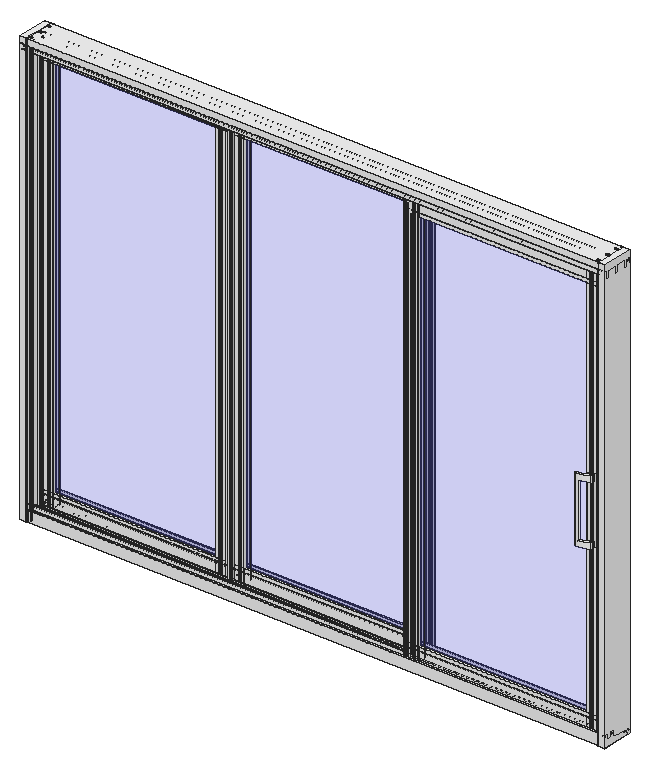
Revit family "Patio-Door_R-550-2-0_3-Light_XOO_5in_Novatech", category Doors, host Wall, Revit 2026 (continued)
Definition of nested family "NOVATECH_R-550 (2.0)_3 LIGHT_XOO_5in_DOOR FRAME"
  Definition of nested family "NOVATECH 650_2 LIGHT_DOOR FRAME_RIGHT"
    Automatic sketch dimensions
      Extrusion 1 sketch curve to Extrusion 1 sketch curve = 0.00515"  (x2)
      Extrusion 1 sketch curve to Extrusion 1 sketch curve = 0.02313"
      Extrusion 1 sketch curve to Extrusion 1 sketch curve = 0.02334"
      Extrusion 1 sketch curve to Extrusion 1 sketch curve = 0.0105"
      Extrusion 1 sketch curve to Extrusion 1 sketch curve = 0.02324"
      Extrusion 1 sketch curve to Extrusion 1 sketch curve = 0.03892"
      Extrusion 1 sketch curve to Extrusion 1 sketch curve = 0.03913"
      Extrusion 1 sketch curve to Extrusion 1 sketch curve = 0.02504"
      Extrusion 1 sketch curve to Extrusion 1 sketch curve = 0.00912"
      Extrusion 1 sketch curve to Extrusion 1 sketch curve = 0.00975"
      Extrusion 1 sketch curve to Extrusion 1 sketch curve = 0.00795"
      Extrusion 1 sketch curve to Extrusion 1 sketch curve = 0.00895"
      Extrusion 1 sketch curve to Extrusion 1 sketch curve = 0.03972"
      Extrusion 1 sketch curve to Extrusion 1 sketch curve = 0.03991"
      Extrusion 1 sketch curve to Extrusion 1 sketch curve = 0.02244"
      Extrusion 1 sketch curve to Extrusion 1 sketch curve = 0.02246"  (x3)
      Extrusion 1 sketch curve to Extrusion 1 sketch curve = 0.04436"
      Extrusion 1 sketch curve to Extrusion 1 sketch curve = 0.04602"
      Extrusion 1 sketch curve to Extrusion 1 sketch curve = 0.02305"
      Extrusion 1 sketch curve to Extrusion 1 sketch curve = 0.02222"
      Extrusion 1 sketch curve to Extrusion 1 sketch curve = 0.04558"  (x2)
      Extrusion 1 sketch curve to Extrusion 1 sketch curve = 0.00146"
      Extrusion 1 sketch curve to Extrusion 1 sketch curve = 0.03746"
      Extrusion 1 sketch curve to Extrusion 1 sketch curve = 0.03743"
      Extrusion 1 sketch curve to Extrusion 1 sketch curve = 0.00764"
      Extrusion 1 sketch curve to Extrusion 1 sketch curve = 0.00916"
      Extrusion 1 sketch curve to Extrusion 1 sketch curve = 0.01071"
      Extrusion 1 sketch curve to Extrusion 1 sketch curve = 0.01185"
      Extrusion 1 sketch curve to Extrusion 1 sketch curve = 0.00926"
      Extrusion 1 sketch curve to Extrusion 1 sketch curve = 0.03921"
      Extrusion 1 sketch curve to Extrusion 1 sketch curve = 0.03995"
      Extrusion 1 sketch curve to Extrusion 1 sketch curve = 0.02304"
      Extrusion 1 sketch curve to Extrusion 1 sketch curve = 0.02379"
      Extrusion 1 sketch curve to Extrusion 1 sketch curve = 0.16734"
      Extrusion 1 sketch curve to Extrusion 1 sketch curve = 0.07341"
      Extrusion 1 sketch curve to Extrusion 1 sketch curve = 0.18462"
      Extrusion 1 sketch curve to Extrusion 1 sketch curve = 0.35207"
Definition of nested family "NOVATECH_R-550 (2.0)_3 LIGHT_XOO_5in_LOOK HANDLE"
  Parameters (values of type "LOOK HANDLE")
    View Handle = yes
    Look Handle = yes
    Hardware Material = none
    Handle Length [instance] = 12"
    Default Elevation = 0"
  Reference planes (in)
    plane 1 "Center (Front/Back)": y = 0
    plane 2: z = 0
    plane 3 "Center (Left/Right)": x = 0
    plane 4: z = 12
    plane 5: z = 11
    plane 6: z = 1
    plane 7: z = 6
  Forms (in)
    Extrusion 1, solid, material <- "Hardware Material", visible <- "Look Handle"
      sketch origin (-2.75609, 4.10702, 0) x (1, 0, 0) y (0, 1, 0)
        loop
          line (2.28365, -5.7645) -> (2.29002, -6.12973)
          arc (2.29002, -6.12973) -> (2.31095, -6.17843) -> (2.36001, -6.1985) r 0.07
          line (2.36001, -6.1985) -> (3.15217, -6.1985)
          arc (3.15217, -6.1985) -> (3.20123, -6.17843) -> (3.22216, -6.12973) r 0.07
          line (3.22216, -6.12973) -> (3.22853, -5.7645) -> (2.28365, -5.7645)
      from 0 to 12
    Extrusion 2, solid, material <- "Hardware Material", visible <- "Look Handle"
      sketch origin (-2.75609, 4.10702, 0) x (1, 0, 0) y (0, 1, 0)
        loop
          arc (2.92658, -7.01425) -> (2.95049, -7.06991) -> (3.00657, -7.09285) r 0.08
          line (3.00657, -7.09285) -> (3.06811, -7.09285)
          arc (3.06811, -7.09285) -> (3.12419, -7.06991) -> (3.1481, -7.01425) r 0.08
          line (3.1481, -7.01425) -> (3.16234, -6.1985) -> (2.88163, -6.1985)
          arc (2.88163, -6.1985) -> (2.90353, -6.20746) -> (2.91288, -6.22921) r 0.03125
          line (2.91288, -6.22921) -> (2.92658, -7.01425)
      from 4.54231 to 11
    Extrusion 3, solid, material <- "Hardware Material", visible <- "Look Handle"
      sketch origin (-5.65408, 4.10702, 0) x (1, 0, 0) y (0, 1, 0)
        loop
          arc (5.26207, -7.01425) -> (5.28599, -7.06991) -> (5.34206, -7.09285) r 0.08
          line (5.34206, -7.09285) -> (5.96611, -7.09285)
          arc (5.96611, -7.09285) -> (6.02218, -7.06991) -> (6.0461, -7.01425) r 0.08
          line (6.0461, -7.01425) -> (6.06033, -6.1985) -> (5.24783, -6.1985) -> (5.26207, -7.01425)
      from 1 to 4.54231
  Dimensions and locks (in)
    "Handle Length": plane 4 to level
    locked: plane 4 to plane 5 at 1
    locked: plane 6 to level at 1
    equal spacing: plane 4, plane 7, level, locked at 6 each
    aligned and locked: plane 2 to level
  Automatic sketch dimensions
    Extrusion 1 sketch curve to plane 3 "Center (Left/Right)" = 0.47244"
    Extrusion 1 sketch curve to Extrusion 1 sketch curve = 0.00637"  (x2)
    Extrusion 1 sketch curve to Extrusion 1 sketch curve = 0.06999"  (x2)
    plane 3 "Center (Left/Right)" to Extrusion 1 sketch curve = 0.39608"
    plane 1 "Center (Front/Back)" to Extrusion 1 sketch curve = 2.09148"
    Extrusion 1 sketch curve to Extrusion 1 sketch curve = 0.06878"  (x2)
    Extrusion 1 sketch curve to Extrusion 1 sketch curve = 0.36522"
    plane 3 "Center (Left/Right)" to Extrusion 2 sketch curve = 0.31202"
    Extrusion 2 sketch curve to Extrusion 2 sketch curve = 0.07999"
    plane 1 "Center (Front/Back)" to Extrusion 2 sketch curve = 2.90722"
    Extrusion 2 sketch curve to Extrusion 2 sketch curve = 0.0014"  (x2)
    plane 3 "Center (Left/Right)" to Extrusion 2 sketch curve = 0.15679"
    Extrusion 2 sketch curve to Extrusion 2 sketch curve = 0.24946"
    Extrusion 2 sketch curve to Extrusion 2 sketch curve = 0.78504"
    Extrusion 2 sketch curve to Extrusion 2 sketch curve = 0.0307"
    Extrusion 2 sketch curve to Extrusion 2 sketch curve = 0.06155"
    Extrusion 2 sketch curve to Extrusion 2 sketch curve = 0"  (x2)
    Extrusion 2 sketch curve to Extrusion 2 sketch curve = 0.00055"
    plane 3 "Center (Left/Right)" to Extrusion 2 sketch curve = 0.12554"
    Extrusion 3 sketch curve to plane 3 "Center (Left/Right)" = 0.39201"
    Extrusion 3 sketch curve to Extrusion 3 sketch curve = 0.07999"
    plane 1 "Center (Front/Back)" to Extrusion 3 sketch curve = 2.90722"
    Extrusion 3 sketch curve to Extrusion 3 sketch curve = 0.0014"  (x2)
    Extrusion 3 sketch curve to plane 3 "Center (Left/Right)" = 13/32"
    Extrusion 3 sketch curve to Extrusion 3 sketch curve = 0.81574"
    plane 3 "Center (Left/Right)" to Extrusion 3 sketch curve = 0.31202"
    plane 3 "Center (Left/Right)" to Extrusion 3 sketch curve = 13/32"
    Extrusion 3 sketch curve to Extrusion 3 sketch curve = 0.0786"
Definition of nested family "NOVATECH_R-550 (2.0)_3 LIGHT_XOO_5in_VIEW HANDLE"
  Parameters (values of type "VIEW HANDLE")
    Hardware Finish = none
    Handle Length [instance] = 12"
    Default Elevation = 0"
  Reference planes (in)
    plane 1 "Center (Front/Back)": y = 0
    plane 2: z = 0
    plane 3 "Center (Left/Right)": x = 0
    plane 4: z = 12
    plane 5: z = 11
    plane 6: z = 1
    plane 7: z = 6
  Forms (in)
    Extrusion 1, solid, material <- "Hardware Finish"
      sketch origin (-2.75609, -5.7645, 0) x (1, 0, 0) y (0, 1, 0)
        loop
          line (2.25609, 6.2645) -> (2.25609, 5.7645) -> (3.25609, 5.7645) -> (3.25609, 6.2645) -> (2.25609, 6.2645)
      from 0 to 12
    Extrusion 2, solid, material <- "Hardware Finish"
      sketch origin (-2.75609, -5.7645, 0) x (1, 0, 0) y (0, 1, 0)
        loop
          arc (3.25636, 6.2645) -> (3.36219, 6.58898) -> (3.65155, 6.76996) r 0.5
          arc (3.65155, 6.76996) -> (4.19674, 6.84875) -> (4.74609, 6.8895) r 7.93092
          arc (4.74609, 6.8895) -> (4.87857, 6.94764) -> (4.92546, 7.0845) r 0.18
          arc (4.92546, 7.0845) -> (4.87857, 7.22136) -> (4.74609, 7.2795) r 0.18
          arc (4.74609, 7.2795) -> (3.50036, 7.21489) -> (2.35751, 6.71497) r 3.47867
          arc (2.35751, 6.71497) -> (2.28354, 6.64857) -> (2.25609, 6.55303) r 0.18
          line (2.25609, 6.55303) -> (2.25609, 6.2645) -> (3.25636, 6.2645)
      from 0 to 12
    Extrusion 3, void
      sketch origin (-2.75609, -5.7645, 0) x (1, 0, 0) y (0, 1, 0)
        loop
          arc (3.25636, 6.2645) -> (3.36219, 6.58898) -> (3.65155, 6.76996) r 0.5
          arc (3.65155, 6.76996) -> (3.99574, 6.82419) -> (4.34198, 6.86326) r 7.93092
          arc (4.34198, 6.86326) -> (4.5239, 7.10462) -> (4.30048, 7.30816) r 0.22439
          arc (4.30048, 7.30816) -> (3.28473, 7.15656) -> (2.35751, 6.71497) r 3.47867
          arc (2.35751, 6.71497) -> (2.28354, 6.64857) -> (2.25609, 6.55303) r 0.18
          line (2.25609, 6.55303) -> (2.25609, 6.2645) -> (3.25636, 6.2645)
      from 1 to 11
  Cuts and joins
    Extrusion 3 cuts Extrusion 2
  Dimensions and locks (in)
    "Handle Length": plane 4 to level
    locked: plane 4 to plane 5 at 1
    locked: plane 6 to level at 1
    equal spacing: plane 4, plane 7, level, locked at 6 each
    aligned and locked: plane 2 to level
    aligned and locked: cut or joined group of Extrusion 2, Extrusion 3 to plane 5
    aligned and locked: plane 6 to cut or joined group of Extrusion 2, Extrusion 3
    aligned and locked: Extrusion 1 to plane 4
    aligned and locked: cut or joined group of Extrusion 2, Extrusion 3 to plane 4
  Automatic sketch dimensions
    plane 1 "Center (Front/Back)" to Extrusion 1 sketch curve = 0"
    Extrusion 1 sketch curve to plane 3 "Center (Left/Right)" = 1/2"
    plane 3 "Center (Left/Right)" to Extrusion 1 sketch curve = 1/2"
    Extrusion 1 sketch curve to plane 1 "Center (Front/Back)" = 1/2"
    Extrusion 2 sketch curve to plane 3 "Center (Left/Right)" = 1/2"
    Extrusion 2 sketch curve to Extrusion 2 sketch curve = 0.18"
    plane 3 "Center (Left/Right)" to Extrusion 2 sketch curve = 0.50027"
    Extrusion 2 sketch curve to Extrusion 2 sketch curve = 0.49973"
    plane 3 "Center (Left/Right)" to Extrusion 2 sketch curve = 1.54439"
    Extrusion 2 sketch curve to Extrusion 2 sketch curve = 0.99"
    Extrusion 2 sketch curve to Extrusion 2 sketch curve = 0"
    plane 3 "Center (Left/Right)" to Extrusion 2 sketch curve = 2.30175"
    plane 1 "Center (Front/Back)" to Extrusion 2 sketch curve = 6.79979"
    plane 1 "Center (Front/Back)" to Extrusion 2 sketch curve = 1.93501"
    Extrusion 2 sketch curve to plane 1 "Center (Front/Back)" = 1/2"
    Extrusion 2 sketch curve to Extrusion 2 sketch curve = 0.0165"
    Extrusion 2 sketch curve to Extrusion 2 sketch curve = 0.28853"
    Extrusion 2 sketch curve to Extrusion 2 sketch curve = 0.7885"
    Extrusion 2 sketch curve to Extrusion 2 sketch curve = 0.03"
    Extrusion 2 sketch curve to Extrusion 2 sketch curve = 0.07858"
    Extrusion 2 sketch curve to Extrusion 2 sketch curve = 0.10454"
    Extrusion 3 sketch curve to plane 3 "Center (Left/Right)" = 1/2"
    Extrusion 3 sketch curve to Extrusion 3 sketch curve = 0.18"
    plane 3 "Center (Left/Right)" to Extrusion 3 sketch curve = 0.50027"
    Extrusion 3 sketch curve to Extrusion 3 sketch curve = 0.49973"
    plane 3 "Center (Left/Right)" to Extrusion 3 sketch curve = 1.54439"
    plane 3 "Center (Left/Right)" to Extrusion 3 sketch curve = 2.30175"
    plane 1 "Center (Front/Back)" to Extrusion 3 sketch curve = 6.79979"
    plane 1 "Center (Front/Back)" to Extrusion 3 sketch curve = 1.93501"
    Extrusion 3 sketch curve to plane 1 "Center (Front/Back)" = 1/2"
    Extrusion 3 sketch curve to Extrusion 3 sketch curve = 0.0165"
    Extrusion 3 sketch curve to Extrusion 3 sketch curve = 0.28853"
    Extrusion 3 sketch curve to Extrusion 3 sketch curve = 0.80277"
    Extrusion 3 sketch curve to Extrusion 3 sketch curve = 0.07858"
    Extrusion 3 sketch curve to Extrusion 3 sketch curve = 0.10454"
    Extrusion 3 sketch curve to Extrusion 3 sketch curve = 0.0415"
Definition of nested family "NOVATECH_R-550 (2.0)_3 LIGHT_XOO_5in_SASH_O_RIGHT"
  Parameters (values of type "SASH_O_RIGHT")
    Width = 46.52865"
    Panel Material = none
    Height = 77 57/128"
    Frame Material = none
    Default Elevation = 0"
  Reference planes (in)
    plane 1 "Center (Front/Back)": y = 0
    plane 2: z = -0.90071
    plane 3 "Center (Left/Right)": x = 0
    plane 4: x = 23.26432
    plane 5: x = -23.26432
    plane 6: z = 77.44531
    plane 7: y = 0.77151
    plane 8: x = -23.19439
  Forms (in)
    Extrusion 1, solid, material <- "Panel Material"
      sketch origin (53.61747, -3.42282, -6.62158) x (1, 0, 0) y (0, 1, 0)
        loop
          line (-74.77328, 4.62951) -> (-74.77328, 3.75549) -> (-32.39173, 3.75549) -> (-32.39173, 4.62951) -> (-74.77328, 4.62951)
      from 8.65968 to 82.02833
  Dimensions and locks (in)
    "Height": plane 6 to level
    "Width": plane 4 to plane 5
    equal spacing: plane 4, plane 3 "Center (Left/Right)", plane 5
    locked: Extrusion 1 sketch curve to Extrusion 1 sketch curve at 0.87402
    plane 1 "Center (Front/Back)" to plane 7 = 0.77151"
    locked: plane 5 to Extrusion 1 at 2.10852
    locked: Extrusion 1 to plane 4 at 2.03858
    locked: plane 6 to Extrusion 1 at 2.03857
    Extrusion 1 to level = 2.0381"
    plane 1 "Center (Front/Back)" to Extrusion 1 = 0.33268"
    locked: level to plane 2 at 0.90071
    locked: plane 5 to plane 8 at 0.06993
    aligned and locked: plane 1 "Center (Front/Back)" to nested 1
    aligned and locked: plane 1 "Center (Front/Back)" to nested 2
    aligned and locked: nested 3 to plane 4  (x2)
    aligned and locked: nested 3 to plane 1 "Center (Front/Back)"
    aligned and locked: plane 4 to nested 1
    aligned and locked: plane 4 to nested 2
    aligned and locked: plane 1 "Center (Front/Back)" to nested 4
    aligned and locked: nested 3 to plane 6
    aligned and locked: plane 6 to nested 4
    aligned and locked: nested 4 to plane 5
    aligned and locked: plane 8 to nested 2
    aligned and locked: plane 8 to nested 1
    aligned and locked: plane 6 to nested 2
    aligned and locked: nested 1 to level
    aligned and locked: nested 4 to level
  Automatic sketch dimensions
    Extrusion 1 sketch curve to plane 1 "Center (Front/Back)" = 0.33268"
    plane 5 to Extrusion 1 sketch curve = 2.10852"
    Extrusion 1 sketch curve to plane 4 = 2.03858"
  Nested families (in)
    nested 1: "NOVATECH_650_2 LIGHT_SASH_O_SILL" at (-23.19439, 0, -0.93499), type "O PANEL SILL"
      with built-in parameter 1001306 3.8716 (stored number, unit not read)
    nested 2: "NOVATECH_650_3 LIGHT_OXO_SASH_O_HEADER" at (-23.19439, 0, 74.8425), type "O HEADER"
      with Length 46.45871"
    nested 3: "NOVATECH_650_3 LIGHT_OXO_SASH_O_RIGHT" at (23.26432, 1.65748, 0) x (0, -1, 0) z (0, 0, 1), type "O RIGHT"
      with Length 77 57/128"
    nested 4: "NOVATECH_650_3 LIGHT_OXO_SASH_O_LEFT" at (-23.26432, 0, -6) x (0, -1, 0) z (0, 0, 1), type "O LEFT"
      with Length 77 57/128"
  Definition of nested family "NOVATECH_650_2 LIGHT_SASH_O_SILL"
    Parameters (values of type "O PANEL SILL")
      built-in parameter 1001306 [instance] = 48"
      Frame Material = none
      Default Elevation = 0"
    Reference planes (in)
      plane 1 "Center (Front/Back)": y = 0
      plane 2: z = 0
      plane 3 "Left": x = 0
      plane 4 "Right": x = 48
    Forms (in)
      Extrusion 1, solid, material <- "Frame Material"
        sketch origin (0, -0.42731, -0.7993) x (0, 1, 0) y (0, 0, 1)
          loop
            line (1.50935, 2.22768) -> (1.00276, 2.22768)
            arc (1.00276, 2.22768) -> (0.94708, 2.20462) -> (0.92402, 2.14894) r 0.07874
            line (0.92402, 2.14894) -> (0.92402, 1.86784)
            arc (0.92402, 1.86784) -> (0.91825, 1.85393) -> (0.90433, 1.84816) r 0.01969
            line (0.90433, 1.84816) -> (0.87358, 1.84816) -> (0.85389, 1.72715) -> (0.644, 1.72715)
            arc (0.644, 1.72715) -> (0.63008, 1.72138) -> (0.62431, 1.70746) r 0.01969
            line (0.62431, 1.70746) -> (0.62431, 1.54017) -> (0.52604, 1.54017) -> (0.52615, 1.70715) -> (0.45135, 1.70715) -> (0.45074, 0.7993) -> (0.52556, 0.81205) -> (0.52575, 1.10443) -> (0.93819, 1.1584) -> (0.93819, 0.93129) -> (1.01299, 0.94253) -> (1.01299, 1.35309) -> (1.5156, 1.41571) -> (1.5156, 0.88509)
            arc (1.5156, 0.88509) -> (1.52141, 0.87106) -> (1.53544, 0.86524) r 0.01985
            arc (1.53544, 0.86524) -> (1.55245, 0.86422) -> (1.56901, 0.86822) r 0.05745
            line (1.56901, 0.86822) -> (1.63183, 0.90885)
            arc (1.63183, 0.90885) -> (1.63055, 0.92963) -> (1.60977, 0.93091) r 0.01572
            arc (1.60977, 0.93091) -> (1.59585, 0.93668) -> (1.59009, 0.9506) r 0.01969
            line (1.59009, 0.9506) -> (1.59009, 1.65234) -> (2.03511, 1.65234) -> (2.03517, 1.09522) -> (2.10997, 1.10708) -> (2.10991, 1.637)
            arc (2.10991, 1.637) -> (2.0835, 1.70074) -> (2.01976, 1.72715) r 0.09016
            line (2.01976, 1.72715) -> (1.65169, 1.72715) -> (1.63466, 1.83182)
            arc (1.63466, 1.83182) -> (1.625, 1.84624) -> (1.60777, 1.84835) r 0.02085
            arc (1.60777, 1.84835) -> (1.59385, 1.85411) -> (1.58809, 1.86803) r 0.01969
            line (1.58809, 1.86803) -> (1.58809, 2.14894)
            arc (1.58809, 2.14894) -> (1.56503, 2.20462) -> (1.50935, 2.22768) r 0.07874
          loop
            line (0.42731, 4.26963) -> (0.42731, 1.79335)
            arc (0.42731, 1.79335) -> (0.44461, 1.75159) -> (0.48637, 1.73429) r 0.05906
            line (0.48637, 1.73429) -> (0.79548, 1.73429)
            arc (0.79548, 1.73429) -> (0.83724, 1.75159) -> (0.85454, 1.79335) r 0.05906
            line (0.85454, 1.79335) -> (0.85454, 1.87249) -> (0.81117, 1.87249) -> (0.81117, 1.8095) -> (0.75999, 1.8095) -> (0.75999, 2.11658) -> (0.81117, 2.11658) -> (0.81117, 2.05359) -> (0.86235, 2.05359) -> (0.86235, 2.43905) -> (1.64975, 2.43905) -> (1.64975, 2.05359) -> (1.70093, 2.05359) -> (1.70093, 2.11658) -> (1.75211, 2.11658) -> (1.75211, 1.8095) -> (1.70093, 1.8095) -> (1.70093, 1.87249) -> (1.65756, 1.87249) -> (1.65756, 1.79335)
            arc (1.65756, 1.79335) -> (1.67486, 1.75159) -> (1.71662, 1.73429) r 0.05906
            line (1.71662, 1.73429) -> (2.02574, 1.73429)
            arc (2.02574, 1.73429) -> (2.06749, 1.75159) -> (2.08479, 1.79335) r 0.05906
            line (2.08479, 1.79335) -> (2.08479, 3.64377) -> (2.00605, 3.64377) -> (2.00605, 3.30913) -> (1.81314, 3.30913) -> (1.81314, 3.40755) -> (1.86432, 3.40755) -> (1.86432, 3.64377) -> (1.56849, 3.64377) -> (1.56849, 3.76848) -> (0.66353, 3.76848) -> (0.66353, 4.2919) -> (0.697, 4.2919) -> (0.697, 4.3332) -> (0.45273, 4.29887)
            arc (0.45273, 4.29887) -> (0.43455, 4.289) -> (0.42731, 4.26963) r 0.02953
          loop
            line (1.697, 4.33127) -> (1.71668, 4.29189) -> (1.71669, 3.67374)
            arc (1.71669, 3.67374) -> (1.72363, 3.66069) -> (1.73834, 3.65914) r 0.01575
            line (1.73834, 3.65914) -> (1.84513, 3.69539) -> (1.92824, 3.64363) -> (1.9154, 3.47576) -> (1.8935, 3.41617)
            arc (1.8935, 3.41617) -> (1.86859, 3.38726) -> (1.88982, 3.35556) r 0.0315
            arc (1.88982, 3.35556) -> (1.92534, 3.35888) -> (1.94977, 3.38487) r 0.05041
            line (1.94977, 3.38487) -> (1.98385, 3.46761) -> (1.99786, 3.65101)
            arc (1.99786, 3.65101) -> (2.00813, 3.67068) -> (2.03025, 3.67232) r 0.02281
            line (2.03025, 3.67232) -> (2.06117, 3.6537)
            arc (2.06117, 3.6537) -> (2.07692, 3.6537) -> (2.08479, 3.66733) r 0.01575
            line (2.08479, 3.66733) -> (2.08479, 4.30174)
            arc (2.08479, 4.30174) -> (2.07614, 4.32262) -> (2.05526, 4.33127) r 0.02953
            line (2.05526, 4.33127) -> (1.697, 4.33127)
        from 0 to 48
    Lines and regions (in)
      reference lines
        curve 1: line (0, 0.91091, 0) -> (48, 0.91091, 0)
    Dimensions and locks (in)
      "built-in parameter 1001306": plane 3 "Left" to plane 4 "Right"
      aligned and locked: plane 4 "Right" to curve 1
      aligned and locked: plane 3 "Left" to curve 1
      aligned and locked: level to plane 2
      aligned and locked: Extrusion 1 to plane 3 "Left"
      aligned and locked: plane 4 "Right" to Extrusion 1
    Automatic sketch dimensions
      curve 1 to plane 1 "Center (Front/Back)" = 0.91091"
      level to Extrusion 1 sketch curve = 0"
      level to Extrusion 1 sketch curve = 0.30778"
      Extrusion 1 sketch curve to plane 1 "Center (Front/Back)" = 1.68266"
      level to Extrusion 1 sketch curve = 0.8377"
      Extrusion 1 sketch curve to Extrusion 1 sketch curve = 0.00005"
      Extrusion 1 sketch curve to Extrusion 1 sketch curve = 0.02512"
      Extrusion 1 sketch curve to Extrusion 1 sketch curve = 0"  (x3)
      Extrusion 1 sketch curve to Extrusion 1 sketch curve = 0.01575"  (x2)
      Extrusion 1 sketch curve to Extrusion 1 sketch curve = 0.00787"
      Extrusion 1 sketch curve to Extrusion 1 sketch curve = 0.02953"  (x2)
      level to Extrusion 1 sketch curve = 0.29592"
      Extrusion 1 sketch curve to Extrusion 1 sketch curve = 0.0748"  (x4)
      Extrusion 1 sketch curve to Extrusion 1 sketch curve = 0.03092"
      Extrusion 1 sketch curve to Extrusion 1 sketch curve = 0.00937"
      Extrusion 1 sketch curve to Extrusion 1 sketch curve = 0.00959"
      Extrusion 1 sketch curve to Extrusion 1 sketch curve = 0.00598"
      Extrusion 1 sketch curve to Extrusion 1 sketch curve = 0.01461"
      Extrusion 1 sketch curve to Extrusion 1 sketch curve = 0.00819"
      Extrusion 1 sketch curve to Extrusion 1 sketch curve = 0.0222"
      Extrusion 1 sketch curve to Extrusion 1 sketch curve = 0.03408"
      Extrusion 1 sketch curve to Extrusion 1 sketch curve = 0.06962"
      Extrusion 1 sketch curve to Extrusion 1 sketch curve = 0.06844"
      Extrusion 1 sketch curve to Extrusion 1 sketch curve = 0.04657"
      Extrusion 1 sketch curve to Extrusion 1 sketch curve = 0.00316"
      Extrusion 1 sketch curve to Extrusion 1 sketch curve = 0.00969"
      Extrusion 1 sketch curve to Extrusion 1 sketch curve = 0.06392"
      Extrusion 1 sketch curve to Extrusion 1 sketch curve = 0.01918"
      Extrusion 1 sketch curve to Extrusion 1 sketch curve = 0.05118"  (x4)
      Extrusion 1 sketch curve to Extrusion 1 sketch curve = 0.27362"
      Extrusion 1 sketch curve to Extrusion 1 sketch curve = 0.1068"
      Extrusion 1 sketch curve to Extrusion 1 sketch curve = 0.0059"
      Extrusion 1 sketch curve to Extrusion 1 sketch curve = 0.33858"
      Extrusion 1 sketch curve to Extrusion 1 sketch curve = 0.03549"  (x2)
      Extrusion 1 sketch curve to Extrusion 1 sketch curve = 0.01569"  (x2)
      Extrusion 1 sketch curve to Extrusion 1 sketch curve = 0.01969"  (x4)
      Extrusion 1 sketch curve to Extrusion 1 sketch curve = 0.04337"  (x2)
      Extrusion 1 sketch curve to Extrusion 1 sketch curve = 0.06493"
      level to Extrusion 1 sketch curve = 1.03252"
      Extrusion 1 sketch curve to Extrusion 1 sketch curve = 0.0229"
      level to Extrusion 1 sketch curve = 0.10955"
      Extrusion 1 sketch curve to Extrusion 1 sketch curve = 0.40333"
      Extrusion 1 sketch curve to Extrusion 1 sketch curve = 0.01239"
      Extrusion 1 sketch curve to Extrusion 1 sketch curve = 0.02058"
      Extrusion 1 sketch curve to Extrusion 1 sketch curve = 0.00967"  (x2)
      Extrusion 1 sketch curve to Extrusion 1 sketch curve = 0.00631"
      Extrusion 1 sketch curve to Extrusion 1 sketch curve = 0.0616"
      level to Extrusion 1 sketch curve = 0.06892"
      Extrusion 1 sketch curve to Extrusion 1 sketch curve = 0.05043"
      Extrusion 1 sketch curve to Extrusion 1 sketch curve = 0.1482"
      Extrusion 1 sketch curve to Extrusion 1 sketch curve = 0.04272"
      Extrusion 1 sketch curve to Extrusion 1 sketch curve = 0.03356"
      Extrusion 1 sketch curve to Extrusion 1 sketch curve = 0.07449"
      Extrusion 1 sketch curve to Extrusion 1 sketch curve = 0.07874"  (x2)
      level to Extrusion 1 sketch curve = 0.14323"
      Extrusion 1 sketch curve to Extrusion 1 sketch curve = 0.5026"
      Extrusion 1 sketch curve to Extrusion 1 sketch curve = 0.50659"
      Extrusion 1 sketch curve to Extrusion 1 sketch curve = 0.03075"
      Extrusion 1 sketch curve to Extrusion 1 sketch curve = 0.1404"
      Extrusion 1 sketch curve to Extrusion 1 sketch curve = 0.01904"
      Extrusion 1 sketch curve to Extrusion 1 sketch curve = 0.00065"
      Extrusion 1 sketch curve to Extrusion 1 sketch curve = 1"
      Extrusion 1 sketch curve to Extrusion 1 sketch curve = 0.03346"
      Extrusion 1 sketch curve to Extrusion 1 sketch curve = 0.11599"
      level to Extrusion 1 sketch curve = 0.90785"
      Extrusion 1 sketch curve to Extrusion 1 sketch curve = 0.09816"
      level to Extrusion 1 sketch curve = 0.74086"
      Extrusion 1 sketch curve to Extrusion 1 sketch curve = 0.09827"
      level to Extrusion 1 sketch curve = 0.30513"
      Extrusion 1 sketch curve to Extrusion 1 sketch curve = 0.41244"
      level to Extrusion 1 sketch curve = 0.01275"
      Extrusion 1 sketch curve to Extrusion 1 sketch curve = 0.00019"
      Extrusion 1 sketch curve to Extrusion 1 sketch curve = 0.03978"
      Extrusion 1 sketch curve to Extrusion 1 sketch curve = 0.20669"
      Extrusion 1 sketch curve to Extrusion 1 sketch curve = 0.00411"
      Extrusion 1 sketch curve to Extrusion 1 sketch curve = 0.03502"
      Extrusion 1 sketch curve to Extrusion 1 sketch curve = 0.07481"
      Extrusion 1 sketch curve to Extrusion 1 sketch curve = 0.01687"
      Extrusion 1 sketch curve to Extrusion 1 sketch curve = 0.01124"
      Extrusion 1 sketch curve to Extrusion 1 sketch curve = 0.22711"
      Extrusion 1 sketch curve to Extrusion 1 sketch curve = 0.1947"
      Extrusion 1 sketch curve to Extrusion 1 sketch curve = 0.41612"
      Extrusion 1 sketch curve to Extrusion 1 sketch curve = 0.00031"
      Extrusion 1 sketch curve to Extrusion 1 sketch curve = 0.00715"  (x2)
      Extrusion 1 sketch curve to Extrusion 1 sketch curve = 0.01615"  (x2)
      Extrusion 1 sketch curve to Extrusion 1 sketch curve = 0.00335"
      Extrusion 1 sketch curve to Extrusion 1 sketch curve = 0.05481"
      Extrusion 1 sketch curve to Extrusion 1 sketch curve = 0.03956"
      Extrusion 1 sketch curve to Extrusion 1 sketch curve = 0.06299"  (x4)
      Extrusion 1 sketch curve to Extrusion 1 sketch curve = 0.1811"  (x2)
      Extrusion 1 sketch curve to Extrusion 1 sketch curve = 0.09535"
      Extrusion 1 sketch curve to Extrusion 1 sketch curve = 0.21137"
      Extrusion 1 sketch curve to Extrusion 1 sketch curve = 0.87008"
      Extrusion 1 sketch curve to Extrusion 1 sketch curve = 0.07575"
      Extrusion 1 sketch curve to Extrusion 1 sketch curve = 0.00048"
      Extrusion 1 sketch curve to Extrusion 1 sketch curve = 0.01881"
      Extrusion 1 sketch curve to Extrusion 1 sketch curve = 0.00339"
      Extrusion 1 sketch curve to Extrusion 1 sketch curve = 0.012"
      Extrusion 1 sketch curve to Extrusion 1 sketch curve = 0.08274"
      Extrusion 1 sketch curve to Extrusion 1 sketch curve = 0.05959"
      Extrusion 1 sketch curve to Extrusion 1 sketch curve = 0.16787"
      Extrusion 1 sketch curve to Extrusion 1 sketch curve = 0.00014"  (x2)
      Extrusion 1 sketch curve to Extrusion 1 sketch curve = 0.00724"
      Extrusion 1 sketch curve to Extrusion 1 sketch curve = 0.00785"
      Extrusion 1 sketch curve to Extrusion 1 sketch curve = 0.00992"
      Extrusion 1 sketch curve to Extrusion 1 sketch curve = 0.01537"
      Extrusion 1 sketch curve to Extrusion 1 sketch curve = 0.05162"
      Extrusion 1 sketch curve to Extrusion 1 sketch curve = 0.12471"
      Extrusion 1 sketch curve to Extrusion 1 sketch curve = 0.50115"
      Extrusion 1 sketch curve to Extrusion 1 sketch curve = 0.52341"
      Extrusion 1 sketch curve to Extrusion 1 sketch curve = 0.02226"
      Extrusion 1 sketch curve to Extrusion 1 sketch curve = 0.00984"
      Extrusion 1 sketch curve to Extrusion 1 sketch curve = 0.04131"
  Definition of nested family "NOVATECH_650_3 LIGHT_OXO_SASH_O_HEADER"
    Parameters (values of type "O HEADER")
      Length [instance] = 25.4316"
      Frame Material = none
      Default Elevation = 0"
    Reference planes (in)
      plane 1 "Center (Front/Back)": y = 0
      plane 2: z = 0
      plane 3 "Center (Left/Right)": x = 0
      plane 4: x = 25.4316
    Forms (in)
      Extrusion 1, solid, material <- "Frame Material"
        sketch origin (0, 3.99113, -1.74837) x (0, 1, 0) y (0, 0, 1)
          loop
            line (-2.76869, 4.29213) -> (-2.76869, 4.20908) -> (-2.71751, 4.20908) -> (-2.71751, 4.27208) -> (-2.66633, 4.27208) -> (-2.66633, 3.96499) -> (-2.71751, 3.96499) -> (-2.71751, 4.02798) -> (-2.76869, 4.02798) -> (-2.76869, 3.64252) -> (-3.55609, 3.64252) -> (-3.55609, 4.02798) -> (-3.60728, 4.02798) -> (-3.60728, 3.96499) -> (-3.65846, 3.96499) -> (-3.65846, 4.27208) -> (-3.60728, 4.27208) -> (-3.60728, 4.20908) -> (-3.55609, 4.20908) -> (-3.55609, 4.29213)
            arc (-3.55609, 4.29213) -> (-3.57339, 4.33389) -> (-3.61515, 4.35118) r 0.05906
            line (-3.61515, 4.35118) -> (-3.93208, 4.35118)
            arc (-3.93208, 4.35118) -> (-3.97384, 4.33389) -> (-3.99113, 4.29213) r 0.05906
            line (-3.99113, 4.29213) -> (-3.99113, 1.81194)
            arc (-3.99113, 1.81194) -> (-3.98389, 1.79257) -> (-3.96572, 1.7827) r 0.02953
            line (-3.96572, 1.7827) -> (-3.72145, 1.74837) -> (-3.72145, 1.78968) -> (-3.75491, 1.78968) -> (-3.75491, 2.4378) -> (-3.65663, 2.4378) -> (-3.65663, 2.3126) -> (-2.78262, 2.3126) -> (-2.78262, 2.4378) -> (-2.55413, 2.4378) -> (-2.55413, 2.67402) -> (-2.60531, 2.67402) -> (-2.60531, 2.77244) -> (-2.41239, 2.77244) -> (-2.41239, 2.4378) -> (-2.33365, 2.4378) -> (-2.33365, 4.29213)
            arc (-2.33365, 4.29213) -> (-2.35095, 4.33389) -> (-2.39271, 4.35118) r 0.05906
            line (-2.39271, 4.35118) -> (-2.70964, 4.35118)
            arc (-2.70964, 4.35118) -> (-2.7514, 4.33389) -> (-2.76869, 4.29213) r 0.05906
          loop
            line (-2.33365, 1.77983) -> (-2.33365, 2.41424)
            arc (-2.33365, 2.41424) -> (-2.34153, 2.42788) -> (-2.35728, 2.42788) r 0.01575
            line (-2.35728, 2.42788) -> (-2.3867, 2.41134)
            arc (-2.3867, 2.41134) -> (-2.40913, 2.41876) -> (-2.41969, 2.43989) r 0.03079
            line (-2.41969, 2.43989) -> (-2.43129, 2.60578) -> (-2.46833, 2.69723)
            arc (-2.46833, 2.69723) -> (-2.49406, 2.72434) -> (-2.53137, 2.72666) r 0.05107
            arc (-2.53137, 2.72666) -> (-2.55479, 2.69582) -> (-2.53061, 2.66558) r 0.0315
            line (-2.53061, 2.66558) -> (-2.49742, 2.58344) -> (-2.48648, 2.44027) -> (-2.57331, 2.38618) -> (-2.68011, 2.42243)
            arc (-2.68011, 2.42243) -> (-2.69481, 2.42088) -> (-2.70176, 2.40783) r 0.01575
            line (-2.70176, 2.40783) -> (-2.70176, 1.78968) -> (-2.72145, 1.75031) -> (-2.36318, 1.75031)
            arc (-2.36318, 1.75031) -> (-2.3423, 1.75896) -> (-2.33365, 1.77983) r 0.02953
        from 0 to 25.4316
    Dimensions and locks (in)
      "Length": plane 3 "Center (Left/Right)" to plane 4
      aligned and locked: plane 2 to level
      aligned and locked: plane 4 to Extrusion 1
      aligned and locked: Extrusion 1 to plane 3 "Center (Left/Right)"
    Automatic sketch dimensions
      Extrusion 1 sketch curve to level = 0"
      plane 1 "Center (Front/Back)" to Extrusion 1 sketch curve = 0"
      level to Extrusion 1 sketch curve = 0.03433"
      Extrusion 1 sketch curve to Extrusion 1 sketch curve = 0.02542"
      Extrusion 1 sketch curve to Extrusion 1 sketch curve = 0.02953"
      Extrusion 1 sketch curve to Extrusion 1 sketch curve = 0.05906"
      Extrusion 1 sketch curve to Extrusion 1 sketch curve = 0.20669"
      Extrusion 1 sketch curve to Extrusion 1 sketch curve = 0.03346"
      Extrusion 1 sketch curve to Extrusion 1 sketch curve = 0.27362"  (x2)
      Extrusion 1 sketch curve to Extrusion 1 sketch curve = 0.09828"
      Extrusion 1 sketch curve to Extrusion 1 sketch curve = 0.04331"
      Extrusion 1 sketch curve to Extrusion 1 sketch curve = 0.00787"  (x2)
      Extrusion 1 sketch curve to Extrusion 1 sketch curve = 0.05118"  (x4)
      Extrusion 1 sketch curve to plane 1 "Center (Front/Back)" = 1.20852"
      Extrusion 1 sketch curve to plane 1 "Center (Front/Back)" = 1.22244"  (x2)
      Extrusion 1 sketch curve to plane 1 "Center (Front/Back)" = 1.26968"
      Extrusion 1 sketch curve to plane 1 "Center (Front/Back)" = 1.27362"  (x2)
      Extrusion 1 sketch curve to plane 1 "Center (Front/Back)" = 1.2815"
      Extrusion 1 sketch curve to plane 1 "Center (Front/Back)" = 1.28937"
      Extrusion 1 sketch curve to plane 1 "Center (Front/Back)" = 1.28938"
      Extrusion 1 sketch curve to Extrusion 1 sketch curve = 0.01575"  (x2)
      Extrusion 1 sketch curve to Extrusion 1 sketch curve = 0.0059"
      Extrusion 1 sketch curve to plane 1 "Center (Front/Back)" = 1.38583"
      Extrusion 1 sketch curve to Extrusion 1 sketch curve = 0.1068"
      Extrusion 1 sketch curve to Extrusion 1 sketch curve = 0.01918"
      Extrusion 1 sketch curve to Extrusion 1 sketch curve = 0.02352"
      Extrusion 1 sketch curve to Extrusion 1 sketch curve = 0.00731"
      Extrusion 1 sketch curve to Extrusion 1 sketch curve = 0.01494"
      Extrusion 1 sketch curve to Extrusion 1 sketch curve = 0.03319"
      Extrusion 1 sketch curve to Extrusion 1 sketch curve = 0.06765"
      Extrusion 1 sketch curve to Extrusion 1 sketch curve = 0.04734"
      Extrusion 1 sketch curve to Extrusion 1 sketch curve = 0.06613"
      Extrusion 1 sketch curve to Extrusion 1 sketch curve = 0.06679"
      Extrusion 1 sketch curve to Extrusion 1 sketch curve = 0.0073"
      Extrusion 1 sketch curve to Extrusion 1 sketch curve = 0.02341"
      Extrusion 1 sketch curve to Extrusion 1 sketch curve = 0.00228"
      level to Extrusion 1 sketch curve = 0.00194"
      Extrusion 1 sketch curve to Extrusion 1 sketch curve = 0.33858"
      Extrusion 1 sketch curve to Extrusion 1 sketch curve = 0.02942"
      Extrusion 1 sketch curve to Extrusion 1 sketch curve = 0.02362"
      level to Extrusion 1 sketch curve = 0.04131"  (x2)
      Extrusion 1 sketch curve to Extrusion 1 sketch curve = 0.52292"
      Extrusion 1 sketch curve to Extrusion 1 sketch curve = 0.07358"
      Extrusion 1 sketch curve to Extrusion 1 sketch curve = 0.02165"
      Extrusion 1 sketch curve to Extrusion 1 sketch curve = 0"
      Extrusion 1 sketch curve to Extrusion 1 sketch curve = 0.02516"
      Extrusion 1 sketch curve to Extrusion 1 sketch curve = 0.0029"
      Extrusion 1 sketch curve to Extrusion 1 sketch curve = 0.05162"
      Extrusion 1 sketch curve to Extrusion 1 sketch curve = 0.02356"
      Extrusion 1 sketch curve to Extrusion 1 sketch curve = 0.1252"
      Extrusion 1 sketch curve to Extrusion 1 sketch curve = 0.00209"
      Extrusion 1 sketch curve to Extrusion 1 sketch curve = 0.00038"
      Extrusion 1 sketch curve to Extrusion 1 sketch curve = 0.14318"
      Extrusion 1 sketch curve to Extrusion 1 sketch curve = 0.02234"
      Extrusion 1 sketch curve to Extrusion 1 sketch curve = 0.08214"
      Extrusion 1 sketch curve to Extrusion 1 sketch curve = 0.00844"
      Extrusion 1 sketch curve to Extrusion 1 sketch curve = 0.01248"
      Extrusion 1 sketch curve to Extrusion 1 sketch curve = 0.01815"
      Extrusion 1 sketch curve to Extrusion 1 sketch curve = 0.01917"
      Extrusion 1 sketch curve to Extrusion 1 sketch curve = 0.07521"
      Extrusion 1 sketch curve to Extrusion 1 sketch curve = 1.20472"
      Extrusion 1 sketch curve to Extrusion 1 sketch curve = 0.32247"  (x2)
      Extrusion 1 sketch curve to Extrusion 1 sketch curve = 0.06299"  (x4)
      Extrusion 1 sketch curve to Extrusion 1 sketch curve = 0.1811"  (x2)
      Extrusion 1 sketch curve to Extrusion 1 sketch curve = 0.02005"  (x2)
  Definition of nested family "NOVATECH_650_3 LIGHT_OXO_SASH_O_RIGHT"
    Parameters (values of type "O RIGHT")
      Length = 91 121/128"
      Frame Material = none
      Default Elevation = 0"
    Reference planes (in)
      plane 1 "Center (Front/Back)": y = 0
      plane 2: z = 0
      plane 3 "Center (Left/Right)": x = 0
      plane 4: z = 91.94531
    Forms (in)
      Extrusion 1, solid, material <- "Frame Material"
        sketch origin (0, 0, 0) x (1, 0, 0) y (0, 1, 0)
          loop
            arc (1.65748, 2.53924) -> (1.65024, 2.55862) -> (1.63206, 2.56849) r 0.02953
            line (1.63206, 2.56849) -> (1.3878, 2.60281) -> (1.3878, 2.56151) -> (1.42126, 2.56151) -> (1.42126, 1.91339) -> (1.3248, 1.91339) -> (1.3248, 2.03858) -> (0.45079, 2.03858) -> (0.45079, 1.91339) -> (0.22047, 1.91339) -> (0.22047, 1.67717) -> (0.27165, 1.67717) -> (0.27165, 1.57874) -> (0.07874, 1.57874) -> (0.07874, 1.91339) -> (0, 1.91339) -> (0, 0.05906)
            arc (0, 0.05906) -> (0.0173, 0.0173) -> (0.05906, 0) r 0.05906
            line (0.05906, 0) -> (0.37598, 0)
            arc (0.37598, 0) -> (0.41774, 0.0173) -> (0.43504, 0.05906) r 0.05906
            line (0.43504, 0.05906) -> (0.43504, 0.1421) -> (0.38386, 0.1421) -> (0.38386, 0.07911) -> (0.33268, 0.07911) -> (0.33268, 0.3862) -> (0.38386, 0.3862) -> (0.38386, 0.3232) -> (0.43504, 0.3232) -> (0.43504, 0.70866) -> (1.22244, 0.70866) -> (1.22244, 0.3232) -> (1.27362, 0.3232) -> (1.27362, 0.3862) -> (1.3248, 0.3862) -> (1.3248, 0.07911) -> (1.27362, 0.07911) -> (1.27362, 0.1421) -> (1.22244, 0.1421) -> (1.22244, 0.05906)
            arc (1.22244, 0.05906) -> (1.23974, 0.0173) -> (1.2815, 0) r 0.05906
            line (1.2815, 0) -> (1.59843, 0)
            arc (1.59843, 0) -> (1.64018, 0.0173) -> (1.65748, 0.05906) r 0.05906
            line (1.65748, 0.05906) -> (1.65748, 2.53924)
          loop
            line (0, 2.57135) -> (0, 1.93695)
            arc (0, 1.93695) -> (0.00787, 1.92331) -> (0.02362, 1.92331) r 0.01575
            line (0.02362, 1.92331) -> (0.06026, 1.94463)
            arc (0.06026, 1.94463) -> (0.07997, 1.93977) -> (0.08882, 1.9215) r 0.02387
            line (0.08882, 1.9215) -> (0.10187, 1.73494) -> (0.13473, 1.65406)
            arc (0.13473, 1.65406) -> (0.16043, 1.62705) -> (0.19764, 1.62477) r 0.05095
            arc (0.19764, 1.62477) -> (0.21941, 1.64813) -> (0.20959, 1.67851) r 0.0315
            line (0.20959, 1.67851) -> (0.16631, 1.78563) -> (0.15655, 1.91324) -> (0.23966, 1.965) -> (0.34645, 1.92876)
            arc (0.34645, 1.92876) -> (0.36116, 1.9303) -> (0.3681, 1.94336) r 0.01575
            line (0.3681, 1.94336) -> (0.36811, 2.56151) -> (0.3878, 2.60088) -> (0.02953, 2.60088)
            arc (0.02953, 2.60088) -> (0.00865, 2.59223) -> (0, 2.57135) r 0.02953
        from 0 to 91.94531
    Dimensions and locks (in)
      "Length": plane 4 to level
      aligned and locked: plane 2 to level
      aligned and locked: Extrusion 1 to level
      aligned and locked: plane 4 to Extrusion 1
    Automatic sketch dimensions
      Extrusion 1 sketch curve to plane 1 "Center (Front/Back)" = 0"  (x2)
      Extrusion 1 sketch curve to plane 1 "Center (Front/Back)" = 2.57135"
      Extrusion 1 sketch curve to plane 3 "Center (Left/Right)" = 0"
      Extrusion 1 sketch curve to Extrusion 1 sketch curve = 0"  (x3)
      Extrusion 1 sketch curve to Extrusion 1 sketch curve = 0.01575"  (x2)
      Extrusion 1 sketch curve to plane 1 "Center (Front/Back)" = 1.92331"
      Extrusion 1 sketch curve to Extrusion 1 sketch curve = 0.00787"  (x2)
      Extrusion 1 sketch curve to Extrusion 1 sketch curve = 0.02953"  (x2)
      Extrusion 1 sketch curve to Extrusion 1 sketch curve = 0.05906"
      Extrusion 1 sketch curve to plane 1 "Center (Front/Back)" = 1.94463"
      Extrusion 1 sketch curve to Extrusion 1 sketch curve = 0.03664"
      Extrusion 1 sketch curve to Extrusion 1 sketch curve = 0.00468"
      Extrusion 1 sketch curve to Extrusion 1 sketch curve = 0.01379"
      Extrusion 1 sketch curve to plane 1 "Center (Front/Back)" = 1.9215"
      Extrusion 1 sketch curve to Extrusion 1 sketch curve = 0.01008"
      Extrusion 1 sketch curve to plane 1 "Center (Front/Back)" = 1.73494"
      Extrusion 1 sketch curve to Extrusion 1 sketch curve = 0.02313"
      Extrusion 1 sketch curve to plane 1 "Center (Front/Back)" = 1.65406"
      Extrusion 1 sketch curve to Extrusion 1 sketch curve = 0.03286"
      Extrusion 1 sketch curve to plane 1 "Center (Front/Back)" = 1.91324"
      Extrusion 1 sketch curve to Extrusion 1 sketch curve = 0.06773"
      Extrusion 1 sketch curve to plane 1 "Center (Front/Back)" = 1.78563"
      Extrusion 1 sketch curve to Extrusion 1 sketch curve = 0.06444"
      Extrusion 1 sketch curve to Extrusion 1 sketch curve = 0.0472"
      Extrusion 1 sketch curve to Extrusion 1 sketch curve = 0.00674"
      Extrusion 1 sketch curve to plane 1 "Center (Front/Back)" = 1.67851"
      Extrusion 1 sketch curve to Extrusion 1 sketch curve = 0.02766"
      Extrusion 1 sketch curve to Extrusion 1 sketch curve = 0.01089"
      Extrusion 1 sketch curve to plane 1 "Center (Front/Back)" = 1.965"
      Extrusion 1 sketch curve to Extrusion 1 sketch curve = 0.01918"
      Extrusion 1 sketch curve to Extrusion 1 sketch curve = 0.05118"  (x7)
      Extrusion 1 sketch curve to plane 1 "Center (Front/Back)" = 0.07911"
      Extrusion 1 sketch curve to Extrusion 1 sketch curve = 0.27362"  (x2)
      Extrusion 1 sketch curve to plane 1 "Center (Front/Back)" = 1.92876"
      Extrusion 1 sketch curve to Extrusion 1 sketch curve = 0.1068"
      Extrusion 1 sketch curve to Extrusion 1 sketch curve = 0.0059"
      Extrusion 1 sketch curve to plane 1 "Center (Front/Back)" = 1.94336"
      Extrusion 1 sketch curve to plane 1 "Center (Front/Back)" = 2.56151"
      Extrusion 1 sketch curve to Extrusion 1 sketch curve = 0.33858"
      Extrusion 1 sketch curve to Extrusion 1 sketch curve = 0.04331"  (x2)
      Extrusion 1 sketch curve to Extrusion 1 sketch curve = 0.01969"
      Extrusion 1 sketch curve to Extrusion 1 sketch curve = 0.08268"
      Extrusion 1 sketch curve to Extrusion 1 sketch curve = 0.7874"
      Extrusion 1 sketch curve to Extrusion 1 sketch curve = 0.87402"
      Extrusion 1 sketch curve to Extrusion 1 sketch curve = 0.06299"  (x5)
      Extrusion 1 sketch curve to Extrusion 1 sketch curve = 0.03346"
      Extrusion 1 sketch curve to plane 1 "Center (Front/Back)" = 0.05906"
      Extrusion 1 sketch curve to Extrusion 1 sketch curve = 0.00411"
      Extrusion 1 sketch curve to Extrusion 1 sketch curve = 0.02005"
      Extrusion 1 sketch curve to Extrusion 1 sketch curve = 0.1811"  (x2)
      Extrusion 1 sketch curve to Extrusion 1 sketch curve = 0.32247"
      Extrusion 1 sketch curve to Extrusion 1 sketch curve = 0.07532"
      Extrusion 1 sketch curve to Extrusion 1 sketch curve = 0.02355"
      Extrusion 1 sketch curve to Extrusion 1 sketch curve = 0.01827"
      Extrusion 1 sketch curve to Extrusion 1 sketch curve = 0.00135"
      Extrusion 1 sketch curve to Extrusion 1 sketch curve = 0.02356"
      Extrusion 1 sketch curve to Extrusion 1 sketch curve = 0.02997"
      Extrusion 1 sketch curve to Extrusion 1 sketch curve = 0.1252"
      Extrusion 1 sketch curve to Extrusion 1 sketch curve = 0.50066"
      Extrusion 1 sketch curve to Extrusion 1 sketch curve = 0.02226"
      Extrusion 1 sketch curve to Extrusion 1 sketch curve = 0.04131"
  Definition of nested family "NOVATECH_650_3 LIGHT_OXO_SASH_O_LEFT"
    Parameters (values of type "O LEFT")
      Length [instance] = 91 121/128"
      Frame Material = none
      Default Elevation = 0"
    Reference planes (in)
      plane 1 "Center (Front/Back)": y = 0
      plane 2: z = 6
      plane 3 "Center (Left/Right)": x = 0
      plane 4: z = 97.94531
    Forms (in)
      Extrusion 1, solid, material <- "Frame Material"
        sketch origin (0, 0, 0) x (1, 0, 0) y (0, 1, 0)
          loop
            arc (0, 2.60918) -> (-0.00724, 2.62855) -> (-0.02542, 2.63842) r 0.02953
            line (-0.02542, 2.63842) -> (-0.26968, 2.67275) -> (-0.26968, 2.63144) -> (-0.23622, 2.63144) -> (-0.23622, 1.98332) -> (-0.33268, 1.98332) -> (-0.33268, 2.10852) -> (-1.20669, 2.10852) -> (-1.20669, 1.98332) -> (-1.43701, 1.98332) -> (-1.43701, 1.7471) -> (-1.38583, 1.7471) -> (-1.38583, 1.64868) -> (-1.57874, 1.64868) -> (-1.57874, 1.98332) -> (-1.65748, 1.98332) -> (-1.65748, 0.12899)
            arc (-1.65748, 0.12899) -> (-1.64018, 0.08723) -> (-1.59843, 0.06993) r 0.05906
            line (-1.59843, 0.06993) -> (-1.2815, 0.06993)
            arc (-1.2815, 0.06993) -> (-1.23974, 0.08723) -> (-1.22244, 0.12899) r 0.05906
            line (-1.22244, 0.12899) -> (-1.22244, 0.21204) -> (-1.27362, 0.21204) -> (-1.27362, 0.14904) -> (-1.3248, 0.14904) -> (-1.3248, 0.45613) -> (-1.27362, 0.45613) -> (-1.27362, 0.39314) -> (-1.22244, 0.39314) -> (-1.22244, 0.7786) -> (-0.43504, 0.7786) -> (-0.43504, 0.39314) -> (-0.38386, 0.39314) -> (-0.38386, 0.45613) -> (-0.33268, 0.45613) -> (-0.33268, 0.14904) -> (-0.38386, 0.14904) -> (-0.38386, 0.21204) -> (-0.43504, 0.21204) -> (-0.43504, 0.12899)
            arc (-0.43504, 0.12899) -> (-0.41774, 0.08723) -> (-0.37598, 0.06993) r 0.05906
            line (-0.37598, 0.06993) -> (-0.05906, 0.06993)
            arc (-0.05906, 0.06993) -> (-0.0173, 0.08723) -> (0, 0.12899) r 0.05906
            line (0, 0.12899) -> (0, 2.60918)
          loop
            line (-1.65748, 2.64128) -> (-1.65748, 2.00688)
            arc (-1.65748, 2.00688) -> (-1.64961, 1.99324) -> (-1.63386, 1.99324) r 0.01575
            line (-1.63386, 1.99324) -> (-1.59722, 2.01457)
            arc (-1.59722, 2.01457) -> (-1.57751, 2.00971) -> (-1.56866, 1.99144) r 0.02387
            line (-1.56866, 1.99144) -> (-1.55561, 1.80487) -> (-1.52275, 1.724)
            arc (-1.52275, 1.724) -> (-1.49705, 1.69699) -> (-1.45984, 1.69471) r 0.05095
            arc (-1.45984, 1.69471) -> (-1.43807, 1.71807) -> (-1.44789, 1.74845) r 0.0315
            line (-1.44789, 1.74845) -> (-1.49117, 1.85556) -> (-1.50093, 1.98318) -> (-1.41782, 2.03494) -> (-1.31103, 1.99869)
            arc (-1.31103, 1.99869) -> (-1.29632, 2.00023) -> (-1.28938, 2.01329) r 0.01575
            line (-1.28938, 2.01329) -> (-1.28937, 2.63144) -> (-1.26968, 2.67081) -> (-1.62795, 2.67081)
            arc (-1.62795, 2.67081) -> (-1.64883, 2.66216) -> (-1.65748, 2.64128) r 0.02953
          loop
            line (0.07647, -0.01969) -> (0.07647, -0.38602)
            arc (0.07647, -0.38602) -> (0.10206, -0.40478) -> (0.12766, -0.38602) r 0.02683
            line (0.12766, -0.38602) -> (0.12766, -0.35453)
            arc (0.12766, -0.35453) -> (0.15325, -0.33628) -> (0.17884, -0.35453) r 0.02707
            line (0.17884, -0.35453) -> (0.17884, -0.63012)
            arc (0.17884, -0.63012) -> (0.15325, -0.64893) -> (0.12766, -0.63012) r 0.02681
            line (0.12766, -0.63012) -> (0.12766, -0.59862)
            arc (0.12766, -0.59862) -> (0.10206, -0.58127) -> (0.07647, -0.59862) r 0.02755
            line (0.07647, -0.59862) -> (0.07647, -0.66555)
            arc (0.07647, -0.66555) -> (0.09377, -0.70731) -> (0.13553, -0.72461) r 0.05906
            line (0.13553, -0.72461) -> (0.22766, -0.72461)
            arc (0.22766, -0.72461) -> (0.24881, -0.71584) -> (0.25758, -0.69469) r 0.02992
            line (0.25758, -0.69469) -> (0.25758, 0.23201)
            arc (0.25758, 0.23201) -> (0.23169, 0.29038) -> (0.17096, 0.31114) r 0.07874
            arc (0.17096, 0.31114) -> (0.11032, 0.33112) -> (0.08443, 0.38949) r 0.07874
            line (0.08443, 0.38949) -> (0.08474, 0.60158)
            arc (0.08474, 0.60158) -> (0.0526, 0.62704) -> (0.01382, 0.61375) r 0.04276
            line (0.01382, 0.61375) -> (0.01348, 0.05437) -> (-0.59274, 0.05437) -> (-0.5928, 0.73559)
            arc (-0.5928, 0.73559) -> (-0.62272, 0.75865) -> (-0.65265, 0.73561) r 0.03095
            line (-0.65265, 0.73561) -> (-0.65258, 0.42442) -> (-1.00487, 0.42443) -> (-1.00481, 0.73561)
            arc (-1.00481, 0.73561) -> (-1.03474, 0.75865) -> (-1.06466, 0.73559) r 0.03095
            line (-1.06466, 0.73559) -> (-1.06472, 0.05437) -> (-1.67093, 0.05437) -> (-1.67127, 0.61375)
            arc (-1.67127, 0.61375) -> (-1.71006, 0.62704) -> (-1.74219, 0.60158) r 0.04276
            line (-1.74219, 0.60158) -> (-1.74188, 0.38949)
            arc (-1.74188, 0.38949) -> (-1.76777, 0.33112) -> (-1.82849, 0.31036) r 0.07874
            arc (-1.82849, 0.31036) -> (-1.88914, 0.29038) -> (-1.91503, 0.23201) r 0.07874
            line (-1.91503, 0.23201) -> (-1.91503, -0.69469)
            arc (-1.91503, -0.69469) -> (-1.90627, -0.71584) -> (-1.88511, -0.72461) r 0.02992
            line (-1.88511, -0.72461) -> (-1.79298, -0.72461)
            arc (-1.79298, -0.72461) -> (-1.75123, -0.70731) -> (-1.73393, -0.66555) r 0.05906
            line (-1.73393, -0.66555) -> (-1.73393, -0.59862)
            arc (-1.73393, -0.59862) -> (-1.75952, -0.58127) -> (-1.78511, -0.59862) r 0.02755
            line (-1.78511, -0.59862) -> (-1.78511, -0.63012)
            arc (-1.78511, -0.63012) -> (-1.8107, -0.64893) -> (-1.83629, -0.63012) r 0.02681
            line (-1.83629, -0.63012) -> (-1.83629, -0.35453)
            arc (-1.83629, -0.35453) -> (-1.8107, -0.33628) -> (-1.78511, -0.35453) r 0.02707
            line (-1.78511, -0.35453) -> (-1.78511, -0.38602)
            arc (-1.78511, -0.38602) -> (-1.75952, -0.40478) -> (-1.73393, -0.38602) r 0.02683
            line (-1.73393, -0.38602) -> (-1.73393, -0.01969)
            arc (-1.73393, -0.01969) -> (-1.72816, -0.00577) -> (-1.71424, 0) r 0.01969
            line (-1.71424, 0) -> (0.05679, 0)
            arc (0.05679, 0) -> (0.07071, -0.00577) -> (0.07647, -0.01969) r 0.01969
        from 6 to 97.94531
    Dimensions and locks (in)
      "Length": plane 4 to plane 2
      aligned and locked: plane 4 to Extrusion 1
      aligned and locked: Extrusion 1 to plane 2
      aligned and locked: Extrusion 1 to plane 4
    Automatic sketch dimensions
      Extrusion 1 sketch curve to plane 3 "Center (Left/Right)" = 1.91503"
      Extrusion 1 sketch curve to Extrusion 1 sketch curve = 0.02992"  (x4)
      Extrusion 1 sketch curve to Extrusion 1 sketch curve = 0.04882"
      Extrusion 1 sketch curve to Extrusion 1 sketch curve = 0.07874"  (x3)
      Extrusion 1 sketch curve to Extrusion 1 sketch curve = 0.01567"  (x2)
      Extrusion 1 sketch curve to Extrusion 1 sketch curve = 0.02559"  (x14)
      Extrusion 1 sketch curve to Extrusion 1 sketch curve = 0.09213"  (x2)
      Extrusion 1 sketch curve to Extrusion 1 sketch curve = 0.07843"
      Extrusion 1 sketch curve to Extrusion 1 sketch curve = 0.05906"  (x4)
      Extrusion 1 sketch curve to Extrusion 1 sketch curve = 0.01969"  (x4)
      Extrusion 1 sketch curve to Extrusion 1 sketch curve = 0.03937"  (x2)
      Extrusion 1 sketch curve to Extrusion 1 sketch curve = 0.03155"  (x2)
      Extrusion 1 sketch curve to Extrusion 1 sketch curve = 0.04331"  (x4)
      Extrusion 1 sketch curve to Extrusion 1 sketch curve = 0.01379"  (x2)
      Extrusion 1 sketch curve to Extrusion 1 sketch curve = 0"  (x2)
      Extrusion 1 sketch curve to Extrusion 1 sketch curve = 0.01575"  (x2)
      Extrusion 1 sketch curve to Extrusion 1 sketch curve = 0.00787"  (x2)
      Extrusion 1 sketch curve to Extrusion 1 sketch curve = 0.02953"
      Extrusion 1 sketch curve to Extrusion 1 sketch curve = 0.03664"
      Extrusion 1 sketch curve to Extrusion 1 sketch curve = 0.00468"
      Extrusion 1 sketch curve to Extrusion 1 sketch curve = 0.01008"
      Extrusion 1 sketch curve to Extrusion 1 sketch curve = 0.02313"
      Extrusion 1 sketch curve to Extrusion 1 sketch curve = 0.03286"
      Extrusion 1 sketch curve to Extrusion 1 sketch curve = 0.06773"
      Extrusion 1 sketch curve to Extrusion 1 sketch curve = 0.06444"
      Extrusion 1 sketch curve to Extrusion 1 sketch curve = 0.0472"
      Extrusion 1 sketch curve to Extrusion 1 sketch curve = 0.00674"
      Extrusion 1 sketch curve to Extrusion 1 sketch curve = 0.02766"
      Extrusion 1 sketch curve to Extrusion 1 sketch curve = 0.01089"
      Extrusion 1 sketch curve to Extrusion 1 sketch curve = 0.01918"  (x2)
      Extrusion 1 sketch curve to Extrusion 1 sketch curve = 0.05118"  (x7)
      Extrusion 1 sketch curve to Extrusion 1 sketch curve = 0.27362"  (x2)
      Extrusion 1 sketch curve to Extrusion 1 sketch curve = 0.1068"
      Extrusion 1 sketch curve to Extrusion 1 sketch curve = 0.0059"
      Extrusion 1 sketch curve to Extrusion 1 sketch curve = 0.33858"
      Extrusion 1 sketch curve to Extrusion 1 sketch curve = 0.08268"
      Extrusion 1 sketch curve to Extrusion 1 sketch curve = 0.15772"
      Extrusion 1 sketch curve to Extrusion 1 sketch curve = 0.15778"
      Extrusion 1 sketch curve to Extrusion 1 sketch curve = 0.02993"  (x2)
      Extrusion 1 sketch curve to Extrusion 1 sketch curve = 0.21757"
      Extrusion 1 sketch curve to Extrusion 1 sketch curve = 0.35216"
      Extrusion 1 sketch curve to Extrusion 1 sketch curve = 0.00007"
      Extrusion 1 sketch curve to Extrusion 1 sketch curve = 0.05985"
      Extrusion 1 sketch curve to Extrusion 1 sketch curve = 0.1577"
      Extrusion 1 sketch curve to Extrusion 1 sketch curve = 0.15776"
      Extrusion 1 sketch curve to Extrusion 1 sketch curve = 0.87402"
      Extrusion 1 sketch curve to Extrusion 1 sketch curve = 0.06299"  (x5)
      Extrusion 1 sketch curve to Extrusion 1 sketch curve = 0.03346"
      Extrusion 1 sketch curve to Extrusion 1 sketch curve = 0.20669"
      Extrusion 1 sketch curve to Extrusion 1 sketch curve = 0.00411"
      Extrusion 1 sketch curve to Extrusion 1 sketch curve = 0.07253"
      Extrusion 1 sketch curve to Extrusion 1 sketch curve = 0.3465"
      Extrusion 1 sketch curve to Extrusion 1 sketch curve = 5/128"
      Extrusion 1 sketch curve to Extrusion 1 sketch curve = 0.03543"  (x2)
      Extrusion 1 sketch curve to Extrusion 1 sketch curve = 0.008"  (x2)
      Extrusion 1 sketch curve to Extrusion 1 sketch curve = 0.0213"  (x2)
      Extrusion 1 sketch curve to Extrusion 1 sketch curve = 0.0102"  (x2)
      Extrusion 1 sketch curve to Extrusion 1 sketch curve = 0.2126"  (x2)
      Extrusion 1 sketch curve to Extrusion 1 sketch curve = 0.00808"  (x2)
      Extrusion 1 sketch curve to Extrusion 1 sketch curve = 0.02267"  (x2)
      Extrusion 1 sketch curve to Extrusion 1 sketch curve = 0.00883"  (x2)
      Extrusion 1 sketch curve to Extrusion 1 sketch curve = 0.07406"
      Extrusion 1 sketch curve to Extrusion 1 sketch curve = 0.01556"
      Extrusion 1 sketch curve to Extrusion 1 sketch curve = 0.02005"  (x2)
      Extrusion 1 sketch curve to Extrusion 1 sketch curve = 0.15748"  (x2)
      Extrusion 1 sketch curve to Extrusion 1 sketch curve = 0.1811"  (x2)
      Extrusion 1 sketch curve to Extrusion 1 sketch curve = 0.03129"
      Extrusion 1 sketch curve to Extrusion 1 sketch curve = 0.04301"
      Extrusion 1 sketch curve to Extrusion 1 sketch curve = 0.09977"
      Extrusion 1 sketch curve to Extrusion 1 sketch curve = 0.02355"
      Extrusion 1 sketch curve to Extrusion 1 sketch curve = 0.01827"
      Extrusion 1 sketch curve to Extrusion 1 sketch curve = 0.00135"
      Extrusion 1 sketch curve to Extrusion 1 sketch curve = 0.02356"
      Extrusion 1 sketch curve to Extrusion 1 sketch curve = 0.05162"
      Extrusion 1 sketch curve to Extrusion 1 sketch curve = 0.62586"
      Extrusion 1 sketch curve to Extrusion 1 sketch curve = 0.1252"  (x2)
      Extrusion 1 sketch curve to Extrusion 1 sketch curve = 0.52292"
      Extrusion 1 sketch curve to Extrusion 1 sketch curve = 0.04131"
      Extrusion 1 sketch curve to Extrusion 1 sketch curve = 0.00984"
      Extrusion 1 sketch curve to Extrusion 1 sketch curve = 1/128"  (x2)
      Extrusion 1 sketch curve to Extrusion 1 sketch curve = 0.00008"  (x2)
      plane 1 "Center (Front/Back)" to Extrusion 1 sketch curve = 0"
      Extrusion 1 sketch curve to Extrusion 1 sketch curve = 0.33484"  (x2)
      Extrusion 1 sketch curve to plane 1 "Center (Front/Back)" = 0.05437"
      Extrusion 1 sketch curve to plane 1 "Center (Front/Back)" = 0.06993"
      Extrusion 1 sketch curve to plane 1 "Center (Front/Back)" = 0.23201"  (x2)
      Extrusion 1 sketch curve to Extrusion 1 sketch curve = 0.03128"
      Extrusion 1 sketch curve to Extrusion 1 sketch curve = 0.1954"  (x2)
      Extrusion 1 sketch curve to Extrusion 1 sketch curve = 0.01669"  (x2)
      Extrusion 1 sketch curve to Extrusion 1 sketch curve = 0.30326"
      Extrusion 1 sketch curve to Extrusion 1 sketch curve = 0.30328"
      Extrusion 1 sketch curve to Extrusion 1 sketch curve = 0.0079"  (x2)
      Extrusion 1 sketch curve to Extrusion 1 sketch curve = 0.87008"
